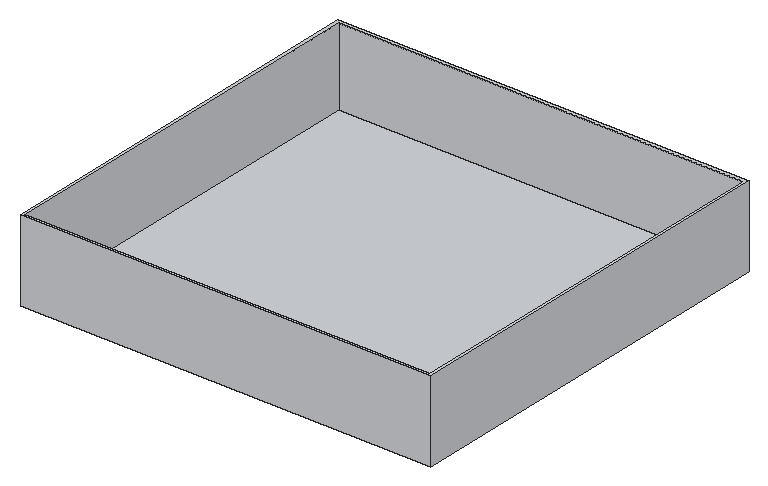
Revit family "Typ.B_TP&N_Cable_Spreader_Boxes_125A-empty-UK-en", category Electrical Equipment, host Face, Revit 2020
Family settings
  Host = Face
  Panel Configuration = Two Columns, Circuits Across
  Round Connector Dimension = Use Diameter
  Part Type = Panelboard
  Cut with Voids When Loaded = No
  Shared = No
  Room Calculation Point = No
Parameters (values of type "Surface mounted P2XC W465 H450 D91.5 0 Modular spacings - JK102LE")
  Width Control [instance] = if([HG000006 - Flush mounted], if([EF000846 - Built-in width] > min_whd, [EF000846 - Built-in width], min_whd), if([EF000008 - Width] > min_whd, ([EF000008 - Width]), min_whd))  # 465 mm
  Void Depth [instance] = if([HG000006 - Flush mounted], Depth Control, 1 mm)  # 1 mm
  Type Comments = [HG000003 - Range]  # "Type B TP&N Distribution Boards"
  System Height [instance] = Height Control - 2 * [HG000005 - Thickness]  # 444 mm
  Model = [HG000004 - Manufacturer reference]  # "JK102LE"
  HG000017 - Distance between poles = 18 mm
  HG000016 - Door 3d visibility [instance] = yes
  HG000015 - Clearance visibility [instance] = no
  HG000014 - Door on the right [instance] = yes
  HG000013 - Door on the left [instance] = not([HG000014 - Door on the right])  # no
  HG000012 - Door swing angle [instance] = 45.00°
  HG000011 - Empty rows from bottom = no
  HG000005 - Thickness = 3 mm  # constant formula
  Arrow Offset [instance] = Depth Control / 8  # 11.5 mm
  Arrow Height [instance] = Depth Control - Arrow Offset  # 80.5 mm
  Host Offset [instance] = if([HG000006 - Flush mounted], 0 mm, [EF000049 - Depth])  # 92 mm
  min_whd [instance] = (2 * [HG000005 - Thickness]) + 1 mm  # 7 mm
  Manufacturer = "Hager"  # constant formula
  Height Control [instance] = if([HG000006 - Flush mounted], if([EF000332 - Built-in height] > min_whd, [EF000332 - Built-in height], min_whd), if([EF000040 - Height] > min_whd, ([EF000040 - Height]), min_whd))  # 450 mm
  HG000010 - Asymmetric doors = no
  HG000009 - Double swing door = no
  HG000008 - Number of empty rows = 0
  HG000007 - Number of empty columns = 0
  HG000006 - Flush mounted = no
  HG000004 - Manufacturer reference = "JK102LE"
  HG000003 - Range = "Type B TP&N Distribution Boards"
  HG000002 - With door or cover = no
  HG000001 - Number of columns = 0
  Flush Mounted - Door Frame Width [instance] = if(([EF000040 - Height] - [EF000332 - Built-in height]) > 0 mm, if([HG000006 - Flush mounted], [EF000040 - Height] - [EF000332 - Built-in height], 0 mm), 0 mm)  # 0 mm
  EF015941 - Signal passing door = no
  EF015777 - Neutral terminal block = no
  EF015776 - Earthing terminal block = no
  EF009212 - Cover model = ""
  EF006306 - With lock = no
  EF006244 - Transparent cover/door = no
  EF005474 - Degree of protection (IP) = "EV009848 - IP2XC"
  EF004462 - Type of closure = "EV000154 - Other"
  EF002950 - Width in number of modular spacings = 0
  EF001596 - Material housing = "EV000179 - Steel"
  EF001134 - DIN-rail = no
  EF001131 - Internal depth = 0 mm
  EF001088 - Extension possible = no
  EF001062 - EMC-version = no
  EF000846 - Built-in width = 0 mm
  EF000339 - Type of cover = "EV005746 - Optional"
  EF000332 - Built-in height = 0 mm
  EF000266 - Number of rows = 0
  EF000218 - Built-in depth = 0 mm
  EF000118 - With mounting plate = no
  EF000116 - RAL-number = ""
  EF000049 - Depth = 92 mm
  EF000040 - Height = 450 mm
  EF000008 - Width = 465 mm
  EF000007 - Colour = "EV000154 - Other"
  EF000003 - Mounting method = "EV000384 - Surface mounted (plaster)"
  Depth Control [instance] = if([HG000006 - Flush mounted], if([EF000218 - Built-in depth] > 0 mm, [EF000218 - Built-in depth], 1 mm), if([EF000049 - Depth] > 0 mm, ([EF000049 - Depth]), 1 mm))  # 92 mm
  Default Elevation = 0 mm
Types (2, lengths in mm): name | System Height | Model | Height Control | HG000004 - Manufacturer reference | EF000040 - Height
  Surface mounted P2XC W465 H300 D91.5 0 Modular spacings - JK101SE | 294 | "JK101SE" | 300 | "JK101SE" | 300
  Surface mounted P2XC W465 H450 D91.5 0 Modular spacings - JK102LE | 444 | "JK102LE" | 450 | "JK102LE" | 450
Reference planes
  plane 1 "Center (Front/Back)": y = 0
  plane 2: z = 0
  plane 3 "Center (Left/Right)": x = 0
  plane 4: z = 92
  plane 5: y = 3
  plane 6: z = 87
  plane 7: y = 225
  plane 8: y = 0
  plane 9: y = 450
  plane 10: z = 0
  plane 11: x = -232.5
  plane 12: x = 232.5
  plane 13: x = 229.5
  plane 14: x = -229.5
  plane 15: y = 447
  plane 16: z = 3
  plane 17: z = 89
  plane 18: z = -1
  plane 19: z = 89
Forms (mm)
  Extrusion 1, solid
    sketch origin (-583.045, 0, 1219.2) x (-1, 0, 0) y (0, 0, 1)
      loop
        line (-350.545, -1127.2) -> (-815.545, -1127.2) -> (-815.545, -1219.2) -> (-350.545, -1219.2) -> (-350.545, -1127.2)
    from 0 to 450 <- "Height Control"
  Extrusion 2, void
    sketch origin (-381.607, -4572, 92) x (0, -1, 0) y (-1, 0, 0)
      loop
        line (-5019, -152.107) -> (-5019, -611.107) -> (-4575, -611.107) -> (-4575, -152.107) -> (-5019, -152.107)
    from 0 to 89
  Extrusion 3, void
    sketch origin (0, 0, 0) x (1, 0, 0) y (0, 1, 0)
      loop
        line (-232.5, 0) -> (232.5, 0) -> (232.5, 450) -> (-232.5, 450) -> (-232.5, 0)
    from -1 to 1
  Extrusion 4, solid, detail levels coarse+medium
    sketch origin (-381.607, -4572, 92) x (-1, 0, 0) y (0, -1, 0)
      loop
        line (-152.107, -5019) -> (-152.107, -4575) -> (-611.107, -4575) -> (-611.107, -5019) -> (-152.107, -5019)
    from 0 to -3
Cuts and joins
  Extrusion 2 cuts Extrusion 1
Dimensions and locks
  plane 4 to plane 6 = 5 mm
  "Host Offset": plane 4 to host face
  "Flush Mounted - Door Frame Width": plane 1 "Center (Front/Back)" to plane 8
  "HG000005 - Thickness": plane 5 to plane 8
  locked: connector elem to plane 3 "Center (Left/Right)"
  "Height Control": plane 9 to plane 8
  equal spacing: plane 9, plane 7, plane 8
  locked: connector elem to plane 7
  "Depth Control": plane 4 to plane 10
  "HG000005 - Thickness": plane 11 to plane 14
  "HG000005 - Thickness": plane 12 to plane 13
  equal spacing: plane 11, plane 3 "Center (Left/Right)", plane 12
  "Width Control": plane 11 to plane 12
  "Arrow Offset": nested 4 to plane 10
  "HG000005 - Thickness": plane 9 to plane 15
  "HG000005 - Thickness": plane 16 to plane 10
  "HG000005 - Thickness": plane 4 to plane 17
  "Void Depth": plane 2 to plane 18
  "HG000005 - Thickness": plane 4 to plane 19
  aligned and locked: plane 2 to host face
  aligned and locked: level to host face
  aligned and locked: plane 3 "Center (Left/Right)" to nested 2
  aligned and locked: plane 4 to nested 2
  aligned and locked: nested 2 to plane 8
  aligned and locked: nested 1 to plane 6
  aligned and locked: nested 1 to plane 5
  aligned and locked: nested 4 to plane 11
  aligned and locked: nested 3 to plane 4
  aligned and locked: Extrusion 1 sketch curve to plane 12
  aligned and locked: Extrusion 1 sketch curve to plane 11
  aligned and locked: nested 3 to plane 10
  aligned and locked: plane 10 to Extrusion 1 sketch curve
  aligned and locked: Extrusion 2 sketch curve to plane 5
  aligned and locked: Extrusion 2 sketch curve to plane 15
  aligned and locked: Extrusion 2 sketch curve to plane 14
  aligned and locked: Extrusion 2 sketch curve to plane 13
  aligned and locked: plane 11 to Extrusion 3 sketch curve
  aligned and locked: plane 9 to Extrusion 3 sketch curve
  aligned and locked: Extrusion 3 sketch curve to plane 8
  aligned and locked: plane 12 to Extrusion 3 sketch curve
  aligned and locked: nested 3 to plane 12
  aligned and locked: Extrusion 3 to plane 18
  aligned and locked: Extrusion 2 to plane 16
  aligned and locked: Extrusion 1 sketch curve to plane 4
  aligned and locked: Extrusion 4 to plane 17
  aligned and locked: Extrusion 4 sketch curve to plane 15
  aligned and locked: Extrusion 4 sketch curve to plane 13
  aligned and locked: Extrusion 4 sketch curve to plane 14
  aligned and locked: Extrusion 4 sketch curve to plane 5
Automatic sketch dimensions
  host sketch curve to host sketch curve = 1469.727 mm
  host sketch curve to host sketch curve = 1434.803 mm
Nested families
  nested 1: "Hager_Enclosure_System" at (0, 3, 87) x (1, 0, 0) z (0, 1, 0), Depth <- "HG000005 - Thickness", Height <- "System Height", Width <- "EF000008 - Width", Border <- "HG000005 - Thickness", Flush_Mounted <- "HG000006 - Flush mounted", Built-in_Width <- "EF000846 - Built-in width", Row_Module_Multiplicator <- "EF002950 - Width in number of modular spacings", Total_No_Empty_Rows <- "HG000008 - Number of empty rows", Total_No_Rows <- "EF000266 - Number of rows", Empty_Columns <- "HG000007 - Number of empty columns", Width_Control <- "Width Control", Empty_Rows_From_Bottom <- "HG000011 - Empty rows from bottom", Distance_Between_Poles <- "HG000017 - Distance between poles", Rows_Count <- "EF000266 - Number of rows", Columns_Count <- "HG000001 - Number of columns", type "Hager_Enclosure_System", detail levels fine
    with Width_Control 465 mm, Width 465 mm, Total_No_Rows 0, Total_No_Empty_Rows 0, Total_No_Columns 1, System_Width 459 mm, Rows_Count 0, Rows_Column 0, Row_Module_Multiplicator 0, Panel_4 no, Panel_3 no, Panel_2 no, Panel_1 no, No_Panels_Ctrl 1, Hide_Columns yes, Height 444 mm, Flush_Mounted no, Empty_Rows_From_Bottom no, Empty_Rows_Column 0, Empty_Columns 0, Distance_Between_Poles 18 mm, Depth 3 mm, Columns_Count 0, Column_Width 459 mm, Built-in_Width 0 mm, Border 3 mm
  nested 2: "Hager_Enclosure_Door" at (0, 0, 92) x (1, 0, 0) z (0, 1, 0), Border <- "HG000005 - Thickness", Door_Right <- "HG000014 - Door on the right", Flush_Mounted <- "HG000006 - Flush mounted", Depth <- "EF000049 - Depth", Width <- "EF000008 - Width", Door_Left <- "HG000013 - Door on the left", 3d_Door <- "HG000016 - Door 3d visibility", BuiltIn_Width <- "EF000846 - Built-in width", BuiltIn_Height <- "EF000332 - Built-in height", BuiltIn_Depth <- "EF000218 - Built-in depth", Angle <- "HG000012 - Door swing angle", Assymetrical <- "HG000010 - Asymmetric doors", Double <- "HG000009 - Double swing door", Clearance <- "HG000015 - Clearance visibility", Transparent <- "EF006244 - Transparent cover/door", Door <- "HG000002 - With door or cover", Height_Ctrl <- "Height Control", Width_Ctrl <- "Width Control", Height <- "EF000040 - Height", type "Hager_Enclosure_Door", detail levels medium+fine
    with min_wh 7 mm, Width_Ctrl 465 mm, Width 465 mm, Transparent_Door_No_Bottom_Border no, Transparent no, Leaf_Width 456 mm, Leaf_Tolerance 1.5 mm, Leaf_Height 441 mm, Leaf_2_Width 456 mm, Leaf_2_Offset 228 mm, Leaf_1_Width 456 mm, Leaf_1_Offset 228 mm, Height_Ctrl 450 mm, Height 450 mm, Frame_Width_Ctrl 465 mm, Frame_Width 465 mm, Frame_Internal_Offset 0 mm, Frame_Height_Ctrl 450 mm, Frame_Height 450 mm, Frame_Depth_Ctrl 1 mm, Frame_Depth 0 mm, Flush_Mounted no, Double_Clearance_Ctrl no, Double no, Door_Right_Ctrl no, Door_Right yes, Door_Left_Ctrl no, Door_Left no, Door no, Depth 92 mm, Clearance_Depth 456 mm, Clearance_Ctrl no, Clearance no, BuiltIn_Width 0 mm, BuiltIn_Height 0 mm, BuiltIn_Depth 0 mm, Border 3 mm, Assymetrical no, Angle 45.00°, 3d_Door yes
  nested 3: "Hager_Enclosure_Symbol_Triangle" at (-232.5, 0, 0) x (1, 0, 0) z (0, -1, 0), Depth <- "Depth Control", Width <- "Width Control", type "Hager_Enclosure_Symbol_Triangle"
    with Width_Ctrl 465 mm, Width 465 mm, Depth_Ctrl 92 mm, Depth 92 mm
  nested 4: "Hager_Enclosure_Symbol_Arrow" at (-232.5, 0, 11.5) x (1, 0, 0) z (0, -1, 0), Height <- "Arrow Height", type "Hager_Enclosure_Symbol_Arrow"
    with Width_Inside 6.038 mm, Width 72.45 mm, Height_Ctrl 80.5 mm, Height 80.5 mm
Connectors
  electrical at (0, 225, 0)
    settings: on plane 10, index 1, voltage 0 V, apparent load 0 VA, apparent load phase1 0 VA, apparent load phase2 0 VA, apparent load phase3 0 VA, power factor 1, load classification "Other", number of poles 1, system type 30, power factor state 1, is connector primary yes, connector utility no, sub classification motor no, connector description ""
Definition of nested family "Hager_Enclosure_Door"
  Parameters (values of type "Hager_Enclosure_Door")
    min_wh [instance] = (2 * Border) + 1 mm  # 11 mm
    Width_Ctrl [instance] = 400 mm
    Width [instance] = 500 mm
    Transparent_Door_No_Bottom_Border [instance] = no
    Transparent [instance] = yes
    Leaf_Width [instance] = if((Width_Ctrl - 2 * Border - 2 * Leaf_Tolerance) > 0 mm, (Width_Ctrl - 2 * Border - 2 * Leaf_Tolerance), min_wh)  # 387 mm
    Leaf_Tolerance [instance] = 1.5 mm  # constant formula
    Leaf_Height [instance] = if((Height_Ctrl - 2 * Border - 2 * Leaf_Tolerance) > 0 mm, (Height_Ctrl - 2 * Border - 2 * Leaf_Tolerance), min_wh)  # 387 mm
    Leaf_2_Width [instance] = if(and(and(Double, Assymetrical), Door_Left), (Leaf_Width / 3) - (Leaf_Tolerance / 2), if(and(and(Double, Assymetrical), Door_Right), (Leaf_Width / 3) * 2 - (Leaf_Tolerance / 2), if(and(Double, not(Assymetrical)), (Leaf_Width / 2) - Leaf_Tolerance, Leaf_Width)))  # 387 mm
    Leaf_2_Offset [instance] = if(and(Double, Assymetrical), Leaf_2_Width / 2, if(and(Double, not(Assymetrical)), Leaf_Width / 4, Leaf_Width / 2))  # 193.5 mm
    Leaf_1_Width [instance] = if(and(and(Double, Assymetrical), Door_Right), (Leaf_Width / 3) - (Leaf_Tolerance / 2), if(and(and(Double, Assymetrical), Door_Left), (Width / 3) * 2 - (Leaf_Tolerance / 2), if(and(Double, not(Assymetrical)), (Leaf_Width / 2) - Leaf_Tolerance, Leaf_Width)))  # 387 mm
    Leaf_1_Offset [instance] = if(and(Double, Assymetrical), Leaf_1_Width / 2, if(and(Double, not(Assymetrical)), Leaf_Width / 4, Leaf_Width / 2))  # 193.5 mm
    Height_Ctrl [instance] = 400 mm
    Height [instance] = 500 mm
    Frame_Width_Ctrl [instance] = if(Frame_Width > 0 mm, Frame_Width, 1 mm)  # 1 mm
    Frame_Width [instance] = Width - BuiltIn_Width  # 0 mm
    Frame_Internal_Offset [instance] = if(Flush_Mounted, Border, 0 mm)  # 5 mm
    Frame_Height_Ctrl [instance] = if(Frame_Height > 0 mm, Frame_Height, 1 mm)  # 1 mm
    Frame_Height [instance] = Height - BuiltIn_Height  # 0 mm
    Frame_Depth_Ctrl [instance] = if(Frame_Depth > 0 mm, Frame_Depth, 1 mm)  # 1 mm
    Frame_Depth [instance] = if(Depth - BuiltIn_Depth > 0 mm, if(Flush_Mounted, Depth - BuiltIn_Depth, 0 mm), 0 mm)  # 0 mm
    Flush_Mounted [instance] = yes
    Double_Clearance_Ctrl [instance] = and(Double, Clearance)  # no
    Double [instance] = no
    Door_Right_Ctrl [instance] = and(or(Door_Right, Double), Door)  # yes
    Door_Right [instance] = yes
    Door_Left_Ctrl [instance] = and(or(Door_Left, Double), Door)  # no
    Door_Left [instance] = no
    Door [instance] = yes
    Depth [instance] = 500 mm
    Default Elevation = 1219.2 mm
    Clearance_Material = none
    Clearance_Depth [instance] = if(Leaf_1_Width > Leaf_2_Width, Leaf_1_Width, Leaf_2_Width)  # 387 mm
    Clearance_Ctrl [instance] = and(not(Double), Clearance)  # yes
    Clearance [instance] = yes
    BuiltIn_Width [instance] = 500 mm
    BuiltIn_Height [instance] = 500 mm
    BuiltIn_Depth [instance] = 500 mm
    Border [instance] = 5 mm
    Assymetrical [instance] = yes
    Angle [instance] = 30.00°
    3d_Door [instance] = yes
  Reference planes
    plane 1 "Center (Front/Back)": y = 0
    plane 2 "Bottom": z = 0
    plane 3 "Center (Left/Right)": x = 0
    plane 4: z = 400
    plane 5: x = -200
    plane 6: x = 200
    plane 7: z = 395
    plane 8: x = -195
    plane 9: z = 5
    plane 10: x = 195
    plane 11: y = 0
    plane 12: z = 6.5
    plane 13: x = -582
    plane 14: y = -387
    plane 15: x = 582
    plane 16: x = 0
    plane 17: x = 0
    plane 18: x = -193.5
    plane 19: x = 193.5
    plane 20: z = 393.5
  Forms (mm)
    Extrusion 1, solid, visible <- "Flush_Mounted"
      sketch origin (0, 0, 0) x (1, 0, 0) y (0, 0, 1)
        loop
          line (195, 5) -> (195, 395) -> (-195, 395) -> (-195, 5) -> (195, 5)
        loop
          line (-201, 401) -> (-201, -1) -> (201, -1) -> (201, 401) -> (-201, 401)
      from 0 to 1 <- "Frame_Depth_Ctrl"
    Extrusion 2, solid, material <- "Clearance_Material", visible <- "Double_Clearance_Ctrl"
      sketch origin (1200, 0, 0) x (1, 0, 0) y (0, 0, -1)
        loop
          line (-1782, -393.5) -> (-618, -393.5) -> (-618, 0) -> (-1782, 0) -> (-1782, -393.5)
      from 0 to -387
  Dimensions and locks
    equal spacing: plane 5, plane 3 "Center (Left/Right)", plane 6
    "Width_Ctrl": plane 5 to plane 6
    "Border": plane 5 to plane 8
    "Border": plane 6 to plane 10
    "Border": plane 9 to level
    "Border": plane 4 to plane 7
    "Height_Ctrl": plane 4 to level
    "Leaf_Tolerance": plane 12 to plane 9
    "Frame_Depth": plane 11 to plane 1 "Center (Front/Back)"
    "Frame_Width_Ctrl": plane 5 to Extrusion 1 sketch curve
    "Frame_Width_Ctrl": plane 6 to Extrusion 1 sketch curve
    "Frame_Width_Ctrl": Extrusion 1 sketch curve to plane 4
    "Frame_Width_Ctrl": plane 2 "Bottom" to Extrusion 1 sketch curve
    "Leaf_1_Offset": plane 18 to plane 16
    "Leaf_2_Offset": plane 17 to plane 19
    "Leaf_1_Width": plane 13 to plane 8
    "Leaf_2_Width": plane 10 to plane 15
    "Clearance_Depth": plane 14 to plane 1 "Center (Front/Back)"
    "Leaf_Tolerance": plane 8 to plane 18
    "Leaf_Tolerance": plane 19 to plane 10
    "Leaf_Tolerance": plane 7 to plane 20
    "Frame_Internal_Offset": plane 5 to Extrusion 1 sketch curve
    "Frame_Internal_Offset": Extrusion 1 sketch curve to plane 2 "Bottom"
    "Frame_Internal_Offset": plane 6 to Extrusion 1 sketch curve
    "Frame_Internal_Offset": plane 4 to Extrusion 1 sketch curve
    aligned and locked: level to plane 2 "Bottom"
    aligned and locked: nested 1 to plane 16
    aligned and locked: nested 2 to plane 17
    aligned and locked: Extrusion 2 to plane 13
    aligned and locked: plane 15 to Extrusion 2
    aligned and locked: Extrusion 2 to plane 14
    aligned and locked: plane 12 to nested 1
    aligned and locked: nested 2 to plane 12
    aligned and locked: Extrusion 2 to plane 11
    aligned and locked: plane 20 to Extrusion 2
    aligned and locked: nested 2 to plane 11
    aligned and locked: nested 1 to plane 11
  Automatic sketch dimensions
    Extrusion 2 sketch curve to level = 0 mm
    plane 5 to Extrusion 2 sketch curve = 382 mm
    plane 6 to Extrusion 2 sketch curve = 382 mm
    Extrusion 2 sketch curve to plane 4 = 6.5 mm
  Nested families
    nested 1: "Hager_Enclosure_Door_Leaf" at (0, 0, 6.5), Width <- "Leaf_1_Width", visible <- "Door_Left_Ctrl", Leaf_Height <- "Leaf_Height", Angle <- "Angle", Depth <- "Border", 3d_Door <- "3d_Door", Transparent <- "Transparent", Clearance Material <- "Clearance_Material", Clearance <- "Clearance_Ctrl", Transparent_Door_No_Bottom_Border <- "Transparent_Door_No_Bottom_Border", type "Hager_Enclosure_Door_Leaf"
      with Width 387 mm, Transparent_Door_No_Bottom_Border no, Transparent_Door_Border_Bottom_Top 25 mm, Transparent_Door_Border 25 mm, Transparent_Ctrl yes, Transparent yes, Standard no, Leaf_Height 387 mm, Glass_Offset 1 mm, Depth 5 mm, Clearance Material none, Clearance yes, Angle_Ctrl 30.00°, Angle 30.00°, 3d_Door yes
    nested 2: "Hager_Enclosure_Door_Leaf" at (0, 0, 6.5) x (-1, 0, 0) z (0, 0, 1), Width <- "Leaf_2_Width", visible <- "Door_Right_Ctrl", Leaf_Height <- "Leaf_Height", Angle <- "Angle", Depth <- "Border", 3d_Door <- "3d_Door", Transparent <- "Transparent", Clearance Material <- "Clearance_Material", Clearance <- "Clearance_Ctrl", Transparent_Door_No_Bottom_Border <- "Transparent_Door_No_Bottom_Border", type "Hager_Enclosure_Door_Leaf"
      with Width 387 mm, Transparent_Door_No_Bottom_Border no, Transparent_Door_Border_Bottom_Top 25 mm, Transparent_Door_Border 25 mm, Transparent_Ctrl yes, Transparent yes, Standard no, Leaf_Height 387 mm, Glass_Offset 1 mm, Depth 5 mm, Clearance Material none, Clearance yes, Angle_Ctrl 30.00°, Angle 30.00°, 3d_Door yes
  Definition of nested family "Hager_Enclosure_Door_Leaf"
    Parameters (values of type "Hager_Enclosure_Door_Leaf")
      Width [instance] = 2000 mm
      Transparent_Door_No_Bottom_Border [instance] = yes
      Transparent_Door_Border_Bottom_Top [instance] = if(Transparent_Door_No_Bottom_Border, 0.1 mm, Transparent_Door_Border)  # 0.1 mm
      Transparent_Door_Border [instance] = if(Transparent_Door_No_Bottom_Border, (Width * 0.12), 25 mm)  # 240 mm
      Transparent_Ctrl [instance] = and(Transparent, [3d_Door])  # yes
      Transparent [instance] = yes
      Standard [instance] = and(not(Transparent), [3d_Door])  # no
      Leaf_Height [instance] = 2720.336 mm
      Glass_Offset [instance] = if((Depth - 10 mm) / 2 > 0 mm, (Depth - 10 mm) / 2, 1 mm)  # 15 mm
      Glass_Material = none
      Depth [instance] = 40 mm
      Default Elevation = 0 mm
      Clearance Material [instance] = none
      Clearance [instance] = yes
      Angle_Ctrl [instance] = if(Angle > 170.00°, 170.00°, Angle)  # 45.00°
      Angle [instance] = 45.00°
      3d_Door [instance] = yes
    Reference planes
      plane 1 "Center (Front/Back)": y = 0
      plane 2: z = 0
      plane 3 "Center (Left/Right)": x = 0
      plane 4: y = 2000
      plane 5: x = -1000
      plane 6: x = 1000
      plane 7: x = -3000
      plane 8: z = 2720.336
      plane 9: z = 0.1
      plane 10: z = 2720.236
      plane 11: x = 760
      plane 12: x = -760
    Forms (mm)
      Extrusion 1, solid, material <- "Clearance Material", visible <- "Clearance"
        sketch origin (0, 0, 0) x (1, 0, 0) y (0, 0, 1)
          loop
            line (-3000, 2720.336) -> (-3000, 0) -> (1000, 0) -> (1000, 2720.336) -> (-3000, 2720.336)
        from 0 to -2000
      Extrusion 2, solid, visible <- "Standard", detail levels medium+fine
        sketch origin (-1000, 0, 0) x (0.707107, 0.707107, 0) y (-0.707107, 0.707107, 0)
          loop
            line (0, -40) -> (2000, -40) -> (2000, 0) -> (0, 0) -> (0, -40)
        from 0 to 2720.336 <- "Leaf_Height"
      Extrusion 3, solid, visible <- "Transparent_Ctrl", detail levels medium+fine
        sketch origin (-1000, 0, 0) x (0.707107, 0.707107, 0) y (-0.707107, 0.707107, 0)
          loop
            line (0, -40) -> (2000, -40) -> (2000, 0) -> (0, 0) -> (0, -40)
        from 0 to 2720.336 <- "Leaf_Height"
      Extrusion 4, void, detail levels medium+fine
        sketch origin (-1000, 0, 0) x (-0.707107, 0.707107, 0) y (0.707107, 0.707107, 0)
          loop
            line (0, 240) -> (0, 1760) -> (-40, 1760) -> (-40, 240) -> (0, 240)
        from -2720.236 to -0.1
      Extrusion 5, solid, material <- "Glass_Material", visible <- "Transparent_Ctrl", detail levels medium+fine
        sketch origin (-1000, 0, 0) x (0.707107, 0.707107, 0) y (-0.707107, 0.707107, 0)
          loop
            line (240, -15) -> (240, -25) -> (1760, -25) -> (1760, -15) -> (240, -15)
        from 0.1 to 2720.236
    Cuts and joins
      Extrusion 4 cuts Extrusion 3
    Lines and regions (mm)
      symbolic lines
        curve 1: line (1000, 0, 0) -> (-3000, 0, 0)
        curve 2: arc (1000, 0, 0) -> (-1000, 2000, 0) -> (-3000, 0, 0) r 2000
        curve 4: line (-1000, 0, 0) -> (414.214, 1414.214, 0)
      reference lines
        curve 3: line (-1000, 0, 0) -> (414.214, 1414.214, 0)
      symbolic lines, detail levels medium+fine
        curve 5: line (414.214, 1414.214, 0) -> (442.498, 1385.929, 0)
        curve 6: line (442.498, 1385.929, 0) -> (-971.716, -28.284, 0)
        curve 7: line (-971.716, -28.284, 0) -> (-1000, 0, 0)
        curve 8: line (-1000, 0, 2720.336) -> (1000, 0, 2720.336)
        curve 9: line (-1000, 0, 0) -> (-1000, 0, 2720.336)
        curve 10: line (1000, 0, 0) -> (-1000, 0, 0)
        curve 11: line (1000, 0, 2720.336) -> (1000, 0, 0)
      symbolic lines, visible <- "Transparent_Ctrl", detail levels medium+fine
        curve 12: line (-760, 0, 2720.236) -> (760, 0, 2720.236)
        curve 13: line (-760, 0, 0.1) -> (-760, 0, 2720.236)
        curve 14: line (760, 0, 0.1) -> (-760, 0, 0.1)
        curve 15: line (760, 0, 2720.236) -> (760, 0, 0.1)
    Dimensions and locks
      "Width": plane 1 "Center (Front/Back)" to plane 4
      equal spacing: plane 5, plane 3 "Center (Left/Right)", plane 6
      "Width": plane 5 to plane 6
      "Width": plane 7 to plane 5
      "Leaf_Height": plane 8 to level
      "Depth": curve 6 to curve 3
      "Width": curve 5 to curve 3
      "Width": curve 3 to curve 3
      "Transparent_Door_Border": Extrusion 4 sketch curve to curve 7
      "Transparent_Door_Border": Extrusion 4 sketch curve to curve 5
      "Transparent_Door_Border_Bottom_Top": plane 8 to plane 10
      "Transparent_Door_Border_Bottom_Top": plane 9 to level
      "Glass_Offset": Extrusion 5 sketch curve to curve 4
      "Glass_Offset": Extrusion 5 sketch curve to curve 6
      "Transparent_Door_Border": Extrusion 5 sketch curve to curve 5
      "Transparent_Door_Border": Extrusion 5 sketch curve to curve 7
      "Transparent_Door_Border": plane 12 to plane 5
      "Transparent_Door_Border": plane 6 to plane 11
      "Angle_Ctrl": angle plane 1 "Center (Front/Back)" to curve 3
      aligned and locked: level to plane 2
      aligned and locked: Extrusion 1 to curve 1
      aligned and locked: plane 6 to Extrusion 1
      aligned and locked: Extrusion 1 to plane 1 "Center (Front/Back)"
      aligned and locked: plane 4 to Extrusion 1
      aligned and locked: plane 8 to Extrusion 1
      aligned and locked: curve 4 to curve 3
      aligned and locked: Extrusion 2 sketch curve to curve 7
      aligned and locked: Extrusion 2 sketch curve to curve 6
      aligned and locked: Extrusion 2 sketch curve to curve 5
      aligned and locked: Extrusion 2 sketch curve to curve 3
      aligned and locked: curve 7 to Extrusion 3 sketch curve
      aligned and locked: Extrusion 3 sketch curve to curve 4
      aligned and locked: Extrusion 3 sketch curve to curve 6
      aligned and locked: Extrusion 3 sketch curve to curve 5
      aligned and locked: curve 4 to Extrusion 4 sketch curve
      aligned and locked: curve 6 to Extrusion 4 sketch curve
      aligned and locked: Extrusion 4 to plane 9
      aligned and locked: Extrusion 4 to plane 10
      aligned and locked: Extrusion 5 to plane 9
      aligned and locked: Extrusion 5 to plane 10
      aligned and locked: curve 8 to plane 8
      aligned and locked: plane 5 to curve 9
      aligned and locked: plane 2 to curve 10
      aligned and locked: curve 11 to plane 6
      aligned and locked: plane 10 to curve 12
      aligned and locked: plane 12 to curve 13
      aligned and locked: curve 14 to plane 9
      aligned and locked: plane 11 to curve 15
    Automatic sketch dimensions
      plane 1 "Center (Front/Back)" to curve 2 = 0 mm
      curve 2 to plane 5 = 0 mm
      Extrusion 1 sketch curve to level = 0 mm
      Extrusion 1 sketch curve to plane 7 = 0 mm
      Extrusion 1 sketch curve to plane 6 = 0 mm
      Extrusion 1 sketch curve to plane 8 = 0 mm
      plane 1 "Center (Front/Back)" to curve 3 = 0 mm
      curve 3 to plane 5 = 0 mm
      curve 7 to curve 3 = 0 mm
Definition of nested family "Hager_Enclosure_Symbol_Triangle"
  Parameters (values of type "Hager_Enclosure_Symbol_Triangle")
    Width_Ctrl [instance] = if(Width > 1 mm, Width, 1 mm)  # 498 mm
    Width [instance] = 498 mm
    Depth_Ctrl [instance] = if(Depth > 1 mm, Depth, 1 mm)  # 72 mm
    Depth [instance] = 72 mm
  Reference planes
    plane 1 "Centre (avant/arrière)": y = 0
    plane 2: z = 0
    plane 3 "Centre (gauche/droite)": x = 0
  Lines and regions (mm)
    Filled region 1, type "Solid_Black", in view "Niveau de réf."
      outline origin (0, 0, 0) x (1, 0, 0) y (0, 1, 0)
        loop
          line (0, 0) -> (498, 0) -> (498, 72) -> (0, 0)
    reference lines, in view "Niveau de réf."
      curve 1: line (-206.153, 72, 0) -> (1083.258, 72, 0)
      curve 2: line (498, 405.456, 0) -> (498, -517.619, 0)
  Dimensions and locks
    "Depth_Ctrl": plane 1 "Centre (avant/arrière)" to curve 1
    "Width_Ctrl": plane 3 "Centre (gauche/droite)" to curve 2
    aligned and locked: curve 1 to Filled region 1 sketch curve
    aligned and locked: Filled region 1 sketch curve to plane 1 "Centre (avant/arrière)"
    aligned and locked: curve 2 to Filled region 1 sketch curve
    aligned and locked: plane 3 "Centre (gauche/droite)" to Filled region 1 sketch curve
    aligned and locked: plane 1 "Centre (avant/arrière)" to Filled region 1 sketch curve
  Automatic sketch dimensions
    curve 1 to plane 3 "Centre (gauche/droite)" = 206.153 mm
    curve 2 to curve 1 = 585.258 mm
    plane 1 "Centre (avant/arrière)" to curve 2 = 517.619 mm
    curve 2 to plane 1 "Centre (avant/arrière)" = 405.456 mm
Definition of nested family "Hager_Enclosure_Symbol_Arrow"
  Parameters (values of type "Hager_Enclosure_Symbol_Arrow")
    Width_Inside [instance] = if(Width / 12 > 2 mm, Width / 12, 2 mm)  # 4.987 mm
    Width [instance] = if(Height_Ctrl * 0.9 > 2 mm, Height_Ctrl * 0.9, 2 mm)  # 59.85 mm
    Height_Ctrl [instance] = if(Height > 2 mm, Height, 2 mm)  # 66.5 mm
    Height [instance] = 66.5 mm
  Reference planes
    plane 1 "Centre (avant/arrière)": y = 0
    plane 2: z = 0
    plane 3 "Centre (gauche/droite)": x = 0
    plane 4: x = 59.85
    plane 5: y = 28.263
    plane 6: y = 38.238
    plane 7: y = 66.5
    plane 8: x = 29.925
    plane 9: y = 33.25
  Lines and regions (mm)
    Filled region 1, type "Solid_Black", in view "Niveau de réf."
      outline origin (0, 0, 0) x (1, 0, 0) y (0, 1, 0)
        loop
          line (59.85, 66.5) -> (37.929, 52.827) -> (51.846, 41.935) -> (59.85, 66.5)
    detail lines, in view "Niveau de réf."
      curve 1: line (0, 0, 0) -> (29.925, 38.238, 0)
      curve 2: line (29.925, 38.238, 0) -> (29.925, 28.263, 0)
      curve 3: line (29.925, 28.263, 0) -> (59.85, 66.5, 0)
  Dimensions and locks
    "Width": plane 3 "Centre (gauche/droite)" to plane 4
    "Height_Ctrl": plane 7 to plane 1 "Centre (avant/arrière)"
    equal spacing: plane 3 "Centre (gauche/droite)", plane 8, plane 4
    equal spacing: plane 7, plane 9, plane 1 "Centre (avant/arrière)"
    equal spacing: plane 6, plane 9, plane 5
    "Width_Inside": plane 6 to plane 9
    equal spacing: curve 3, Filled region 1 sketch curve, Filled region 1 sketch curve
    angle Filled region 1 sketch curve to curve 3 = 20.00°
    angle curve 3 to Filled region 1 sketch curve = 20.00°
    locked: curve 3 to Filled region 1 sketch curve (angle 90.00°)
  Automatic sketch dimensions
    plane 1 "Centre (avant/arrière)" to curve 1 = 0 mm
    curve 1 to plane 3 "Centre (gauche/droite)" = 0 mm
    curve 2 to plane 6 = 0 mm
    curve 3 to plane 8 = 0 mm
    curve 3 to plane 4 = 0 mm
    curve 2 to plane 5 = 0 mm
    curve 3 to plane 7 = 0 mm
    Filled region 1 sketch curve to plane 4 = 0 mm
    Filled region 1 sketch curve to plane 7 = 0 mm
